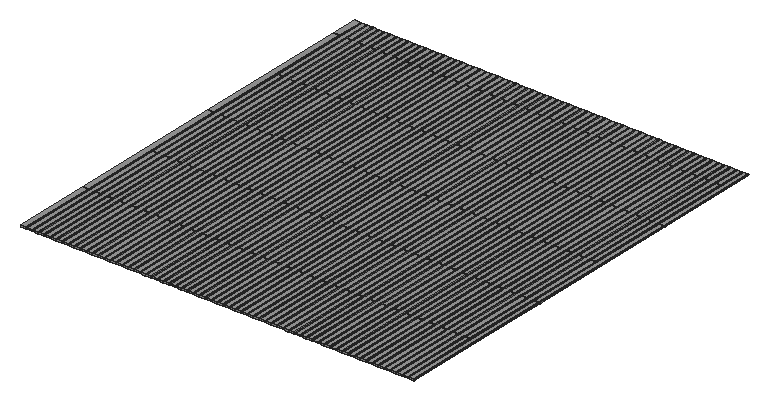
Revit family "2414-4, Veneer", category Generic Models, host Ceiling, Revit 2020
Family settings
  Host = Ceiling
  Can host rebar = No
  Round Connector Dimension = Use Diameter
  Part Type = Normal
  Always vertical = Yes
  Cut with Voids When Loaded = No
  Shared = No
  Room Calculation Point = No
Parameters
  OC SPACING [instance] = .. MEMBER WIDTH - 0' 0 1/4" - 0' 0 3/256"  # 0' - 2 189/256"
  PROJECT WIDTH [instance] = 15' - 0"
  PROJECT LENGTH [instance] = 16' - 0"
  PANELS COUNT 2 [instance] = rounddown((PROJECT LENGTH - .. MEMBER LENGTH 3) / .. MEMBER LENGTH 2)  # 2
  PANELS COUNT [instance] = rounddown(PROJECT LENGTH / .. MEMBER LENGTH 2)  # 2
  MEMBER WIDTH COUNT 2 [instance] = (PROJECT WIDTH / OC SPACING) / 2  # 33
  .. MEMBER WIDTH COUNT [instance] = (PROJECT WIDTH / OC SPACING) / 2  # 33
  .. MEMBER MATERIAL [instance] = Veneer Cherry
  .. MEMBER LENGTH 4 [instance] = ((PROJECT LENGTH - .. MEMBER LENGTH 3) - (PANELS COUNT 2 * .. MEMBER LENGTH 2))  # 1' - 0"
  .. MEMBER LENGTH 3 [instance] = .. MEMBER LENGTH 2 / 2  # 3' - 0"
  Default Elevation = 0' - 0"
  .. MEMBER WIDTH [instance] = 0' - 3"  # constant formula
  .. MEMBER LENGTH 2 [instance] = 6' - 0"
  .. MEMBER LENGTH [instance] = PROJECT LENGTH - (PANELS COUNT * .. MEMBER LENGTH 2)  # 4' - 0"
  .. MEMBER DEPTH [instance] = 0' - 0 3/4"  # constant formula
Reference planes (in)
  plane 1 "Center (Front/Back)": y = 0
  plane 2 "Ceiling": z = 96
  plane 3 "Center (Left/Right)": x = 0
  plane 4: y = 72
  plane 5: y = 144
  plane 6: y = 108
  plane 7: y = 36
  plane 8: y = 192
  plane 9: y = 144
  plane 10: y = 180
  plane 11: x = 180
  plane 12: x = 2.73828
Dimensions and locks (in)
  equal spacing: host sketch curve, plane 3 "Center (Left/Right)", host sketch curve
  equal spacing: host sketch curve, plane 1 "Center (Front/Back)", host sketch curve
  host sketch curve to host sketch curve = 10' - 0"  (x2)
  group 1 to group 2 = 0' - 0"  (x2)
  group 1 to group 2 = 6' - 0"
  ".. MEMBER LENGTH 2": plane 5 to plane 4
  ".. MEMBER LENGTH 2": plane 6 to plane 7
  "PROJECT LENGTH": plane 1 "Center (Front/Back)" to plane 8
  group 3 to group 4 = 0' - 0"  (x2)
  group 3 to group 4 = 6' - 0"
  ".. MEMBER LENGTH 3": plane 1 "Center (Front/Back)" to plane 7
  ".. MEMBER LENGTH 2": plane 1 "Center (Front/Back)" to plane 4
  ".. MEMBER LENGTH": plane 8 to plane 9
  ".. MEMBER LENGTH 4": plane 8 to plane 10
  "PROJECT WIDTH": plane 3 "Center (Left/Right)" to plane 11
  "OC SPACING": plane 3 "Center (Left/Right)" to plane 12
  aligned and locked: plane 1 "Center (Front/Back)" to nested 1
  aligned and locked: plane 4 to nested 2
  aligned and locked: nested 4 to plane 4
  aligned and locked: plane 7 to nested 3
  aligned and locked: plane 6 to nested 3
  aligned and locked: nested 6 to plane 6
  aligned and locked: nested 5 to plane 9
  aligned and locked: nested 7 to plane 10
  aligned and locked: plane 12 to nested 2
  aligned and locked: plane 12 to nested 4
  aligned and locked: plane 12 to nested 5
Nested families (in)
  nested 1: "(COPY 1) 2300 STAGGERED" at (0, 0, 85.44644), .. MEMBER DEPTH <- ".. MEMBER DEPTH", .. MEMBER WIDTH <- ".. MEMBER WIDTH", MEMBER LENGTH <- ".. MEMBER LENGTH 3", REVEAL <- "OC SPACING", MEMBER 1 COUNT <- ".. MEMBER WIDTH COUNT", .. MEMBER MATERIAL <- ".. MEMBER MATERIAL", type "(COPY 1) 2300 STAGGERED"
    with REVEAL X2 0' - 5 61/128", REVEAL 0' - 2 189/256", MEMBER LENGTH 2 1' - 6", MEMBER LENGTH 3' - 0", MEMBER COUNT 2 5, MEMBER 1 COUNT 33, INDENT 0' - 0 5/8", .. MEMBER WIDTH 0' - 3", .. MEMBER MATERIAL Veneer Cherry, .. MEMBER DEPTH 0' - 0 3/4"
  nested 2: "(COPY 1) 2300 STAGGERED" at (2.73828, 0, 85.44644), .. MEMBER DEPTH <- ".. MEMBER DEPTH", .. MEMBER WIDTH <- ".. MEMBER WIDTH", MEMBER LENGTH <- ".. MEMBER LENGTH 2", MEMBER 1 COUNT <- "MEMBER WIDTH COUNT 2", REVEAL <- "OC SPACING", .. MEMBER MATERIAL <- ".. MEMBER MATERIAL", type "(COPY 1) 2300 STAGGERED"
    with REVEAL X2 0' - 5 61/128", REVEAL 0' - 2 189/256", MEMBER LENGTH 2 3' - 0", MEMBER LENGTH 6' - 0", MEMBER COUNT 2 5, MEMBER 1 COUNT 33, INDENT 0' - 0 5/8", .. MEMBER WIDTH 0' - 3", .. MEMBER MATERIAL Veneer Cherry, .. MEMBER DEPTH 0' - 0 3/4"
  nested 3: "(COPY 1) 2300 STAGGERED" at (0, 36, 85.44644), .. MEMBER DEPTH <- ".. MEMBER DEPTH", .. MEMBER WIDTH <- ".. MEMBER WIDTH", MEMBER LENGTH <- ".. MEMBER LENGTH 2", MEMBER 1 COUNT <- ".. MEMBER WIDTH COUNT", REVEAL <- "OC SPACING", .. MEMBER MATERIAL <- ".. MEMBER MATERIAL", type "(COPY 1) 2300 STAGGERED"
    with REVEAL X2 0' - 5 61/128", REVEAL 0' - 2 189/256", MEMBER LENGTH 2 3' - 0", MEMBER LENGTH 6' - 0", MEMBER COUNT 2 5, MEMBER 1 COUNT 33, INDENT 0' - 0 5/8", .. MEMBER WIDTH 0' - 3", .. MEMBER MATERIAL Veneer Cherry, .. MEMBER DEPTH 0' - 0 3/4"
  nested 4: "(COPY 1) 2300 STAGGERED" at (2.73828, 72, 85.44644), .. MEMBER DEPTH <- ".. MEMBER DEPTH", .. MEMBER WIDTH <- ".. MEMBER WIDTH", MEMBER LENGTH <- ".. MEMBER LENGTH 2", MEMBER 1 COUNT <- "MEMBER WIDTH COUNT 2", REVEAL <- "OC SPACING", .. MEMBER MATERIAL <- ".. MEMBER MATERIAL", type "(COPY 1) 2300 STAGGERED"
    with REVEAL X2 0' - 5 61/128", REVEAL 0' - 2 189/256", MEMBER LENGTH 2 3' - 0", MEMBER LENGTH 6' - 0", MEMBER COUNT 2 5, MEMBER 1 COUNT 33, INDENT 0' - 0 5/8", .. MEMBER WIDTH 0' - 3", .. MEMBER MATERIAL Veneer Cherry, .. MEMBER DEPTH 0' - 0 3/4"
  nested 5: "(COPY 1) 2300 STAGGERED" at (2.73828, 144, 85.44644), .. MEMBER DEPTH <- ".. MEMBER DEPTH", .. MEMBER WIDTH <- ".. MEMBER WIDTH", MEMBER LENGTH <- ".. MEMBER LENGTH", REVEAL <- "OC SPACING", MEMBER 1 COUNT <- "MEMBER WIDTH COUNT 2", .. MEMBER MATERIAL <- ".. MEMBER MATERIAL", type "(COPY 1) 2300 STAGGERED"
    with REVEAL X2 0' - 5 61/128", REVEAL 0' - 2 189/256", MEMBER LENGTH 2 2' - 0", MEMBER LENGTH 4' - 0", MEMBER COUNT 2 5, MEMBER 1 COUNT 33, INDENT 0' - 0 5/8", .. MEMBER WIDTH 0' - 3", .. MEMBER MATERIAL Veneer Cherry, .. MEMBER DEPTH 0' - 0 3/4"
  nested 6: "(COPY 1) 2300 STAGGERED" at (0, 108, 85.44644), .. MEMBER DEPTH <- ".. MEMBER DEPTH", .. MEMBER WIDTH <- ".. MEMBER WIDTH", MEMBER LENGTH <- ".. MEMBER LENGTH 2", MEMBER 1 COUNT <- ".. MEMBER WIDTH COUNT", REVEAL <- "OC SPACING", .. MEMBER MATERIAL <- ".. MEMBER MATERIAL", type "(COPY 1) 2300 STAGGERED"
    with REVEAL X2 0' - 5 61/128", REVEAL 0' - 2 189/256", MEMBER LENGTH 2 3' - 0", MEMBER LENGTH 6' - 0", MEMBER COUNT 2 5, MEMBER 1 COUNT 33, INDENT 0' - 0 5/8", .. MEMBER WIDTH 0' - 3", .. MEMBER MATERIAL Veneer Cherry, .. MEMBER DEPTH 0' - 0 3/4"
  nested 7: "(COPY 1) 2300 STAGGERED" at (0, 180, 85.44644), .. MEMBER DEPTH <- ".. MEMBER DEPTH", .. MEMBER WIDTH <- ".. MEMBER WIDTH", MEMBER LENGTH <- ".. MEMBER LENGTH 4", REVEAL <- "OC SPACING", MEMBER 1 COUNT <- ".. MEMBER WIDTH COUNT", .. MEMBER MATERIAL <- ".. MEMBER MATERIAL", type "(COPY 1) 2300 STAGGERED"
    with REVEAL X2 0' - 5 61/128", REVEAL 0' - 2 189/256", MEMBER LENGTH 2 0' - 6", MEMBER LENGTH 1' - 0", MEMBER COUNT 2 3, MEMBER 1 COUNT 33, INDENT 0' - 0 5/8", .. MEMBER WIDTH 0' - 3", .. MEMBER MATERIAL Veneer Cherry, .. MEMBER DEPTH 0' - 0 3/4"
Definition of nested family "(COPY 1) 2300 STAGGERED"
  Parameters (values of type "(COPY 1) 2300 STAGGERED")
    REVEAL X2 [instance] = REVEAL * 2  # 0' - 8"
    REVEAL [instance] = 0' - 4"
    MEMBER LENGTH 2 [instance] = MEMBER LENGTH / 2  # 3' - 0"
    MEMBER LENGTH [instance] = 6' - 0"
    MEMBER COUNT 2 [instance] = 5
    MEMBER 1 COUNT [instance] = 5
    INDENT [instance] = 0' - 0 5/8"
    Default Elevation = 0' - 0"
    .. MEMBER WIDTH [instance] = 0' - 3 1/4"
    .. MEMBER MATERIAL [instance] = none
    .. MEMBER DEPTH [instance] = 0' - 0 3/4"
  Reference planes (in)
    plane 1 "Center (Front/Back)": y = 0
    plane 2: z = 0
    plane 3 "Center (Left/Right)": x = 0
    plane 4: x = 8
    plane 5: x = 4
    plane 6: x = 12
  Dimensions and locks (in)
    "REVEAL X2": plane 3 "Center (Left/Right)" to plane 4
    "REVEAL": plane 3 "Center (Left/Right)" to plane 5
    "REVEAL X2": plane 5 to plane 6
    equal spacing: group 1, group 2, group 3, group 4, group 5  (x3)
    aligned and locked: plane 2 to level
    aligned and locked: plane 1 "Center (Front/Back)" to nested 1
    aligned and locked: nested 1 to plane 3 "Center (Left/Right)"
    aligned and locked: nested 2 to plane 4
  Nested families (in)
    nested 1: "2300 DEV" at (-0.25432, 0, 0), MEMBER LENGTH <- "MEMBER LENGTH", MEMBER MATERIAL <- ".. MEMBER MATERIAL", MEMBER WIDTH <- ".. MEMBER WIDTH", MEMBER DEPTH <- ".. MEMBER DEPTH", INDENT <- "INDENT", type "2300 DEV"
      with MEMBER WIDTH 0' - 3 1/4", MEMBER MATERIAL none, MEMBER LENGTH 6' - 0", MEMBER DEPTH 0' - 0 3/4", INDENT 0' - 0 5/8", EXTRUSION -6' - 0"
    nested 2: "2300 DEV" at (7.74568, 0, 0), MEMBER LENGTH <- "MEMBER LENGTH", MEMBER MATERIAL <- ".. MEMBER MATERIAL", MEMBER WIDTH <- ".. MEMBER WIDTH", MEMBER DEPTH <- ".. MEMBER DEPTH", INDENT <- "INDENT", type "2300 DEV"
      with MEMBER WIDTH 0' - 3 1/4", MEMBER MATERIAL none, MEMBER LENGTH 6' - 0", MEMBER DEPTH 0' - 0 3/4", INDENT 0' - 0 5/8", EXTRUSION -6' - 0"
    nested 3: "2300 DEV" at (15.74568, 0, 0), MEMBER LENGTH <- "MEMBER LENGTH", MEMBER MATERIAL <- ".. MEMBER MATERIAL", MEMBER WIDTH <- ".. MEMBER WIDTH", MEMBER DEPTH <- ".. MEMBER DEPTH", INDENT <- "INDENT", type "2300 DEV"
      with MEMBER WIDTH 0' - 3 1/4", MEMBER MATERIAL none, MEMBER LENGTH 6' - 0", MEMBER DEPTH 0' - 0 3/4", INDENT 0' - 0 5/8", EXTRUSION -6' - 0"
    nested 4: "2300 DEV" at (23.74568, 0, 0), MEMBER LENGTH <- "MEMBER LENGTH", MEMBER MATERIAL <- ".. MEMBER MATERIAL", MEMBER WIDTH <- ".. MEMBER WIDTH", MEMBER DEPTH <- ".. MEMBER DEPTH", INDENT <- "INDENT", type "2300 DEV"
      with MEMBER WIDTH 0' - 3 1/4", MEMBER MATERIAL none, MEMBER LENGTH 6' - 0", MEMBER DEPTH 0' - 0 3/4", INDENT 0' - 0 5/8", EXTRUSION -6' - 0"
    nested 5: "2300 DEV" at (31.74568, 0, 0), MEMBER LENGTH <- "MEMBER LENGTH", MEMBER MATERIAL <- ".. MEMBER MATERIAL", MEMBER WIDTH <- ".. MEMBER WIDTH", MEMBER DEPTH <- ".. MEMBER DEPTH", INDENT <- "INDENT", type "2300 DEV"
      with MEMBER WIDTH 0' - 3 1/4", MEMBER MATERIAL none, MEMBER LENGTH 6' - 0", MEMBER DEPTH 0' - 0 3/4", INDENT 0' - 0 5/8", EXTRUSION -6' - 0"
  Definition of nested family "2300 DEV"
    Parameters (values of type "2300 DEV")
      MEMBER WIDTH [instance] = 0' - 2 1/4"
      MEMBER MATERIAL [instance] = none
      MEMBER LENGTH [instance] = 2' - 6"
      MEMBER DEPTH [instance] = 0' - 0 5/8"
      INDENT [instance] = 0' - 0 5/8"
      EXTRUSION [instance] = -1 * MEMBER LENGTH  # -2' - 6"
      Default Elevation = 0' - 0"
    Reference planes (in)
      plane 1 "Center (Front/Back)": y = 0
      plane 2: z = 10.55356
      plane 3 "Center (Left/Right)": x = 0
      plane 4: y = 30
      plane 5: z = 10.55356
      plane 6: x = 0.25432
      plane 7: x = 2.50432
      plane 8: x = 2.82058
      plane 9: z = 9.92856
      plane 10: z = 10.17856
    Forms (in)
      Extrusion 1, void, not visible
        sketch origin (-0.375, 0, 0) x (1, 0, 0) y (0, 0, 1)
          loop
            line (4.125, 11.30356) -> (4.125, 11.17856) -> (4.0625, 11.11606) -> (3.75, 11.11606) -> (3.75, 10.92856) -> (4.25, 10.92856) -> (4.65478, 10.92856) -> (4.65478, 11.30356) -> (4.25, 11.30356) -> (4.125, 11.30356)
        from 0 to 30
      Extrusion 2, void, not visible
        sketch origin (4.5, 0, 0) x (-1, 0, 0) y (0, 0, 1)
          loop
            line (4.5, 11.30356) -> (4.25, 11.30356) -> (4.25, 11.17856) -> (4.1875, 11.11606) -> (3.875, 11.11606) -> (3.875, 10.92856) -> (4.78125, 10.92856) -> (4.78125, 11.30356) -> (4.5, 11.30356)
        from 0 to 30
      Extrusion 3, void, not visible
        sketch origin (0, 0, 0) x (1, 0, 0) y (0, 0, 1)
          loop
            line (2.53125, 10.55356) -> (2, 10.55356) -> (2, 10.42856) -> (1.9375, 10.36606) -> (1.625, 10.36606) -> (1.625, 10.17856) -> (2.53125, 10.17856) -> (2.53125, 10.55356)
        from 0 to 12
      Extrusion 4, void
        sketch origin (-5.34896, 0, 0) x (1, 0, 0) y (0, 0, 1)
          loop
            line (5.92291, 10.42856) -> (5.60328, 10.42856) -> (5.60328, 10.55356) -> (5.34896, 10.55356) -> (5.34896, 9.92856) -> (5.34896, 9.52296) -> (5.60291, 9.52296) -> (5.60291, 9.99136) -> (5.60291, 10.17856) -> (5.92291, 10.17856) -> (5.92291, 10.42856)
        from 0 to -30 <- "EXTRUSION"
      Extrusion 5, void
        sketch origin (-6.35859, 0, 0) x (1, 0, 0) y (0, 0, 1)
          loop
            line (8.60291, 10.17856) -> (8.60291, 9.99106) -> (8.60291, 9.52296) -> (9.17917, 9.52296) -> (9.17917, 9.92856) -> (9.17917, 10.55356) -> (8.56291, 10.55356) -> (8.56291, 10.38856) -> (8.80041, 10.38856)
            arc (8.80041, 10.38856) -> (8.8446, 10.37025) -> (8.86291, 10.32606) r 0.0625
            line (8.86291, 10.32606) -> (8.86291, 10.24106)
            arc (8.86291, 10.24106) -> (8.8446, 10.19686) -> (8.80041, 10.17856) r 0.0625
            line (8.80041, 10.17856) -> (8.60291, 10.17856)
        from 0 to -30 <- "EXTRUSION"
      Extrusion 6, solid, material <- "MEMBER MATERIAL"
        sketch origin (-5.34896, 0, 0) x (1, 0, 0) y (0, 0, 1)
          loop
            line (5.60328, 10.55356) -> (5.60328, 9.92856) -> (7.85328, 9.92856) -> (7.85328, 10.55356) -> (5.60328, 10.55356)
        from 0 to -30
      Extrusion 7, void, not visible
        sketch origin (0, 0, 0) x (1, 0, 0) y (0, 0, 1)
          loop
            line (8.60291, 10.17856) -> (8.60291, 9.99106) -> (8.54041, 9.92856) -> (9.17917, 9.92856) -> (9.17917, 10.55356) -> (8.56291, 10.55356) -> (8.56291, 10.38856) -> (8.80041, 10.38856)
            arc (8.80041, 10.38856) -> (8.8446, 10.37025) -> (8.86291, 10.32606) r 0.0625
            line (8.86291, 10.32606) -> (8.86291, 10.24106)
            arc (8.86291, 10.24106) -> (8.8446, 10.19686) -> (8.80041, 10.17856) r 0.0625
            line (8.80041, 10.17856) -> (8.60291, 10.17856)
        from 0 to -30
      Extrusion 8, void, not visible
        sketch origin (-0.54718, 0, 0) x (1, 0, 0) y (0, 0, 1)
          loop
            line (8.60291, 10.17856) -> (8.60291, 9.99106) -> (8.60291, 9.52296) -> (9.17917, 9.52296) -> (9.17917, 9.92856) -> (9.17917, 10.55356) -> (8.56291, 10.55356) -> (8.56291, 10.38856) -> (8.80041, 10.38856)
            arc (8.80041, 10.38856) -> (8.8446, 10.37025) -> (8.86291, 10.32606) r 0.0625
            line (8.86291, 10.32606) -> (8.86291, 10.24106)
            arc (8.86291, 10.24106) -> (8.8446, 10.19686) -> (8.80041, 10.17856) r 0.0625
            line (8.80041, 10.17856) -> (8.60291, 10.17856)
        from 0 to -30 <- "EXTRUSION"
      Extrusion 9, void
        sketch origin (0, 0, 0) x (1, 0, 0) y (0, 0, 1)
          loop
            line (0.25432, 9.92856) -> (0.31682, 9.92856) -> (0.25432, 9.99106) -> (0.25432, 9.92856)
        from -30 to 0
      Extrusion 10, void
        sketch origin (2.49864, 0, -0.0153) x (-1, 0, 0) y (0, 0, -1)
          loop
            line (0.25432, -9.94385) -> (0.25432, -10.00635) -> (0.31682, -9.94385) -> (0.25432, -9.94385)
        from -30 to 0
      Extrusion 11, void, not visible
        sketch origin (-5.34896, -6, 0) x (1, 0, 0) y (0, 0, 1)
          loop
            line (5.92291, 10.42856) -> (5.60328, 10.42856) -> (5.60328, 10.55356) -> (5.34896, 10.55356) -> (5.34896, 9.92856) -> (5.34896, 9.52296) -> (5.60291, 9.52296) -> (5.60291, 9.99136) -> (5.60291, 10.17856) -> (5.92291, 10.17856) -> (5.92291, 10.42856)
        from 0 to -30 <- "EXTRUSION"
    Cuts and joins
      Extrusion 4, Extrusion 5, Extrusion 9, Extrusion 10 cuts Extrusion 6
    Lines and regions (in)
      model lines, not visible
        curve 1: line (9.45582, 0, 10.55356) -> (14.70582, 0, 10.55356)
        curve 2: line (14.70582, 0, 10.55356) -> (14.70582, 0, 10.92856)
        curve 3: line (14.70582, 0, 10.92856) -> (14.20582, 0, 10.92856)
        curve 4: line (14.20582, 0, 10.92856) -> (14.20582, 0, 11.11606)
        curve 5: line (14.20582, 0, 11.11606) -> (14.51832, 0, 11.11606)
        curve 6: line (14.58082, 0, 11.30356) -> (14.58082, 0, 11.17856)
        curve 7: line (14.58082, 0, 11.17856) -> (14.51832, 0, 11.11606)
        curve 8: line (14.58082, 0, 11.30356) -> (9.58082, 0, 11.30356)
        curve 9: line (9.45582, 0, 10.55356) -> (9.45582, 0, 10.92856)
        curve 10: line (9.45582, 0, 10.92856) -> (9.95582, 0, 10.92856)
        curve 11: line (9.95582, 0, 10.92856) -> (9.95582, 0, 11.11606)
        curve 12: line (9.95582, 0, 11.11606) -> (9.64332, 0, 11.11606)
        curve 13: line (9.58082, 0, 11.30356) -> (9.58082, 0, 11.17856)
        curve 14: line (9.58082, 0, 11.17856) -> (9.64332, 0, 11.11606)
        curve 15: line (5.25, 0, 10.55356) -> (5.25, 0, 10.92856)
        curve 16: line (5.25, 0, 10.92856) -> (4.75, 0, 10.92856)
        curve 17: line (4.75, 0, 10.92856) -> (4.75, 0, 11.11606)
        curve 18: line (4.75, 0, 11.11606) -> (5.0625, 0, 11.11606)
        curve 19: line (5.125, 0, 11.30356) -> (5.125, 0, 11.17856)
        curve 20: line (5.125, 0, 11.17856) -> (5.0625, 0, 11.11606)
    Dimensions and locks (in)
      "MEMBER LENGTH": plane 1 "Center (Front/Back)" to plane 4
      locked: plane 8 to plane 7 at 0.31626
      "MEMBER WIDTH": plane 7 to plane 6
      locked: plane 6 to plane 3 "Center (Left/Right)" at 0.25432
      level to plane 9 = 0' - 0 5/8"
      locked: level to plane 10 at 0.375
      aligned and locked: level to plane 2
      aligned and locked: plane 4 to Extrusion 6
      aligned and locked: plane 6 to Extrusion 6
      aligned and locked: plane 6 to Extrusion 4
      aligned and locked: plane 7 to Extrusion 6
      aligned and locked: plane 8 to Extrusion 5
      aligned and locked: plane 9 to Extrusion 6
      aligned and locked: Extrusion 9 to plane 9
      aligned and locked: Extrusion 10 to plane 9
      aligned and locked: plane 4 to Extrusion 9
      aligned and locked: plane 1 "Center (Front/Back)" to Extrusion 9
      aligned and locked: plane 4 to Extrusion 10
      aligned and locked: plane 1 "Center (Front/Back)" to Extrusion 10
      aligned and locked: plane 10 to Extrusion 4
      aligned and locked: plane 1 "Center (Front/Back)" to Extrusion 5
    Automatic sketch dimensions
      Extrusion 1 sketch curve to Extrusion 1 sketch curve = 0' - 0 1/16"  (x2)
      Extrusion 1 sketch curve to Extrusion 1 sketch curve = 0' - 0.40478"
      Extrusion 1 sketch curve to Extrusion 1 sketch curve = 0' - 0 3/16"  (x2)
      Extrusion 1 sketch curve to Extrusion 1 sketch curve = 0' - 0 1/8"  (x2)
      Extrusion 1 sketch curve to Extrusion 1 sketch curve = 0' - 0 5/16"
      Extrusion 2 sketch curve to Extrusion 2 sketch curve = 0' - 0 3/16"  (x2)
      Extrusion 2 sketch curve to Extrusion 2 sketch curve = 0' - 0 1/16"  (x2)
      Extrusion 2 sketch curve to Extrusion 2 sketch curve = 0' - 0 9/32"
      Extrusion 2 sketch curve to Extrusion 2 sketch curve = 0' - 0 1/4"
      Extrusion 2 sketch curve to Extrusion 2 sketch curve = 0' - 0 5/16"
      Extrusion 3 sketch curve to Extrusion 3 sketch curve = 0' - 0 5/16"
      Extrusion 3 sketch curve to Extrusion 3 sketch curve = 0' - 0 1/16"  (x2)
      Extrusion 3 sketch curve to Extrusion 3 sketch curve = 0' - 0 3/16"
      Extrusion 3 sketch curve to Extrusion 3 sketch curve = 0' - 0 17/32"
      Extrusion 3 sketch curve to Extrusion 3 sketch curve = 0' - 0 3/8"
      Extrusion 7 sketch curve to Extrusion 7 sketch curve = 0' - 0 1/16"  (x4)
      Extrusion 7 sketch curve to Extrusion 7 sketch curve = 0' - 0.1975"
      Extrusion 7 sketch curve to Extrusion 7 sketch curve = 0' - 0.2375"
      Extrusion 7 sketch curve to Extrusion 7 sketch curve = 0' - 0.085"
      Extrusion 7 sketch curve to Extrusion 7 sketch curve = 0' - 0 3/16"
      Extrusion 7 sketch curve to Extrusion 7 sketch curve = 0' - 0.31626"
      Extrusion 7 sketch curve to Extrusion 7 sketch curve = 0' - 0.2275"
      Extrusion 5 sketch curve to Extrusion 5 sketch curve = 0' - 0.04"
      Extrusion 5 sketch curve to Extrusion 5 sketch curve = 0' - 0.2375"
      Extrusion 5 sketch curve to Extrusion 5 sketch curve = 0' - 0"
      Extrusion 5 sketch curve to Extrusion 5 sketch curve = 0' - 0 1/16"
      Extrusion 5 sketch curve to Extrusion 5 sketch curve = 0' - 0.31626"
      Extrusion 5 sketch curve to Extrusion 5 sketch curve = 0' - 0.4681"
      Extrusion 5 sketch curve to Extrusion 5 sketch curve = 0' - 0 3/16"
      Extrusion 5 sketch curve to Extrusion 5 sketch curve = 0' - 0.085"
      Extrusion 5 sketch curve to Extrusion 5 sketch curve = 0' - 0.2275"
      Extrusion 5 sketch curve to Extrusion 5 sketch curve = 0' - 0.4056"
      Extrusion 8 sketch curve to Extrusion 8 sketch curve = 0' - 0.04"
      Extrusion 8 sketch curve to Extrusion 8 sketch curve = 0' - 0.2375"
      Extrusion 8 sketch curve to Extrusion 8 sketch curve = 0' - 0"
      Extrusion 8 sketch curve to Extrusion 8 sketch curve = 0' - 0 1/16"
      Extrusion 8 sketch curve to Extrusion 8 sketch curve = 0' - 0.31626"
      Extrusion 8 sketch curve to Extrusion 8 sketch curve = 0' - 0.4681"
      Extrusion 8 sketch curve to Extrusion 8 sketch curve = 0' - 0 3/16"
      Extrusion 8 sketch curve to Extrusion 8 sketch curve = 0' - 0.085"
      Extrusion 8 sketch curve to Extrusion 8 sketch curve = 0' - 0.2275"
      Extrusion 8 sketch curve to Extrusion 8 sketch curve = 0' - 0.4056"
      Extrusion 6 sketch curve to plane 6 = 0' - 0"
      Extrusion 6 sketch curve to plane 7 = 0' - 0"
      Extrusion 6 sketch curve to plane 9 = 0' - 0"
      Extrusion 6 sketch curve to level = 0' - 0"
      Extrusion 9 sketch curve to plane 6 = 0' - 0"
      Extrusion 9 sketch curve to plane 9 = 0' - 0"
      plane 6 to Extrusion 9 sketch curve = 0' - 0 1/16"
      Extrusion 9 sketch curve to Extrusion 9 sketch curve = 0' - 0 1/16"
      plane 7 to Extrusion 10 sketch curve = 0' - 0.26"
      plane 9 to Extrusion 10 sketch curve = 0' - 0"
      Extrusion 10 sketch curve to Extrusion 10 sketch curve = 0' - 0 1/16"  (x2)
      Extrusion 4 sketch curve to Extrusion 4 sketch curve = 0' - 0.25395"
      Extrusion 4 sketch curve to Extrusion 4 sketch curve = 0' - 0.25432"
      Extrusion 4 sketch curve to Extrusion 4 sketch curve = 0' - 0.32"
      Extrusion 4 sketch curve to Extrusion 4 sketch curve = 0' - 0.4056"
      Extrusion 4 sketch curve to Extrusion 4 sketch curve = 0' - 0.06281"
      Extrusion 4 sketch curve to Extrusion 4 sketch curve = 0' - 0.18719"
      Extrusion 4 sketch curve to Extrusion 4 sketch curve = 0' - 0 1/4"
      Extrusion 4 sketch curve to Extrusion 4 sketch curve = 0' - 0 1/8"
      Extrusion 11 sketch curve to Extrusion 11 sketch curve = 0' - 0.25395"
      Extrusion 11 sketch curve to Extrusion 11 sketch curve = 0' - 0.25432"
      Extrusion 11 sketch curve to Extrusion 11 sketch curve = 0' - 0.32"
      Extrusion 11 sketch curve to Extrusion 11 sketch curve = 0' - 0.4056"
      Extrusion 11 sketch curve to Extrusion 11 sketch curve = 0' - 0.06281"
      Extrusion 11 sketch curve to Extrusion 11 sketch curve = 0' - 0.18719"
      Extrusion 11 sketch curve to Extrusion 11 sketch curve = 0' - 0 1/4"
      Extrusion 11 sketch curve to Extrusion 11 sketch curve = 0' - 0 1/8"
